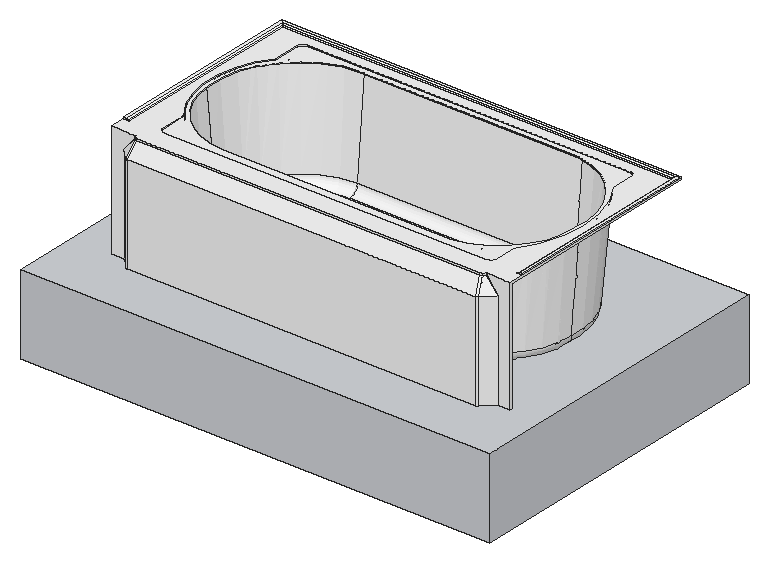
Revit family
Parameters (values of type "Cast_Iron-Safeguard-White-0")
  Width = 5' - 0"
  Waste Connection = yes
  WFU = 0
  Voltage = 220 V
  URL = "http://www.us.kohler.com"
  Sanitary Radius = 3/4"
  Sanitary Diameter = Sanitary Radius * 2  # 1 1/2"
  Sanitary Connector = "Sanitary Connection"  # constant formula
  Product Page URL = "http://www.us.kohler.com/onlinecatalog/detail.jsp?item=15671502&section=2&category=10"
  Product Documentation Link = "http://www.us.kohler.com/onlinecatalog/pdf/1143443_4.pdf"
  Phase = 1
  Model = "K-724-G0"  # constant formula
  Manufacturer = "Kohler"  # constant formula
  Length = 2' - 9 3/4"
  Height = 1' - 5 7/16"
  Frequency = 50 Hz
  Finish = Cast_Iron-Safeguard-Kohler-0-White
  Electrical Disconnect = no
  Electrical Connector = "Electrical Connection"  # constant formula
  Description = "Memoirs(R) 5' BubbleMassage(TM) baths with right-hand drain and White airjet color finish"  # constant formula
  Default Elevation = 0' - 0"
  Created By = "http://www.medialab3dstudio.com/"
  Cost = 1
  Assembly Code = "D2010510"
  Apparent Load = 0 VA
  ADA Compliant = no
Types (3): name | Finish
  (no name) | Cast_Iron-Safeguard-Kohler-0-White
  Cast_Iron-Safeguard-White-0 | Cast_Iron-Safeguard-Kohler-0-White
  Cast_Iron-Safeguard-Sea_Salt-FF | Cast_Iron-Safeguard-Kohler-FF-Sea_Salt
Reference planes (in)
  plane 1 "Back": y = 0
  plane 2 "Bottom": z = 0
  plane 3 "Center (Left/Right)": x = 0
  plane 4 "Left": x = -30
  plane 5 "Right": x = 30
  plane 6 "Center (Front/Back)": y = -16.875
  plane 7 "Front": y = -33.75
  plane 8 "Top": z = 17.4375
  plane 9: z = 16.9375
  plane 10: z = 17.1875
  plane 11: y = -32.03104
  plane 12: y = -31.7211
  plane 13: z = 14.72145
  plane 14: x = -28.16965
  plane 15: x = -26.61
  plane 16: x = -26.17231
  plane 17: x = 26.22224
  plane 18: x = 26.59693
  plane 19: x = 28.15659
  plane 20: x = 21.5
  plane 21: y = -16
  plane 22: z = 0.93861
  plane 23: z = 0.81359
  plane 24: z = 16.65238
  plane 25: y = -26.03215
  plane 26: y = -28.88016
  plane 27: y = -28.75468
  plane 28: z = 2.30923
  plane 29: y = -27.62443
  plane 30: y = -27.49982
  plane 31: y = -26.62627
  plane 32: y = -26.12627
  plane 33: x = 15.75
  plane 34: x = 13.75
  plane 35: y = -5.38045
  plane 36: y = -5.88045
  plane 37: x = -16.75
  plane 38: x = -14.75
  plane 39: y = -26.62627
  plane 40: y = -26.12627
  plane 41: y = -5.38045
  plane 42: y = -5.88045
  plane 43: z = 17.0625
  plane 44: z = 17.38026
  plane 45: z = 17.27231
  plane 46: x = -29.1875
  plane 47: x = -36
  plane 48: x = -35
  plane 49: y = -32.03104
  plane 50: y = -28.48711
  plane 51: x = -29.1875
  plane 52: x = 29.1875
Forms (in)
  Extrusion 1, solid
    sketch origin (0, 0, 0) x (1, 0, 0) y (0, 1, 0)
      loop
        line (-36, 7) -> (-36, -41.73328) -> (34.62554, -41.73328) -> (34.62554, 7) -> (-36, 7)
    from 0 to -12
  Extrusion 2, solid, material "Cast_Iron-Safeguard-Kohler-0-White" <- "Finish"
    sketch origin (0, 0, 0) x (1, 0, 0) y (0, 1, 0)
      loop
        line (-30, 0) -> (-30, -32.03104) -> (-26.45525, -32.03104)
        arc (-26.45525, -32.03104) -> (-26.40103, -32.06281) -> (-26.35358, -32.10401) r 0.34029
        line (-26.35358, -32.10401) -> (-26.04734, -32.41025)
        arc (-26.04734, -32.41025) -> (-25.95708, -32.47133) -> (-25.85059, -32.49447) r 0.28782
        line (-25.85059, -32.49447) -> (25.84136, -32.49447)
        arc (25.84136, -32.49447) -> (25.97142, -32.45962) -> (26.08172, -32.38239) r 0.3877
        line (26.08172, -32.38239) -> (26.38734, -32.07676)
        arc (26.38734, -32.07676) -> (26.42033, -32.05161) -> (26.45636, -32.03104) r 0.31264
        line (26.45636, -32.03104) -> (30, -32.03104) -> (30, 0) -> (-30, 0)
      loop
        arc (24.29901, -29.54823) -> (25.00612, -29.25534) -> (25.29901, -28.54823) r 1
        line (25.29901, -28.54823) -> (25.29901, -25.53103)
        arc (25.29901, -25.53103) -> (28.29803, -16.06443) -> (25.29901, -6.59782) r 16.44051
        line (25.29901, -6.59782) -> (25.29901, -3.45236)
        arc (25.29901, -3.45236) -> (25.00612, -2.74525) -> (24.29901, -2.45236) r 1
        line (24.29901, -2.45236) -> (-24.04737, -2.45236)
        arc (-24.04737, -2.45236) -> (-24.75447, -2.74525) -> (-25.04737, -3.45236) r 1
        line (-25.04737, -3.45236) -> (-25.04737, -7.27211)
        arc (-25.04737, -7.27211) -> (-28.04562, -16.00015) -> (-25.04737, -24.72818) r 14.20294
        line (-25.04737, -24.72818) -> (-25.04737, -28.49932)
        arc (-25.04737, -28.49932) -> (-24.74015, -29.24101) -> (-23.99846, -29.54823) r 1.04891
        line (-23.99846, -29.54823) -> (24.29901, -29.54823)
    from 16.9375 to 17.1875
  Extrusion 3, solid, material "Cast_Iron-Safeguard-Kohler-0-White" <- "Finish"
    sketch origin (0, 0, 0) x (1, 0, 0) y (0, 1, 0)
      loop
        line (-25.04737, -24.72818) -> (-25.04737, -28.49932)
        arc (-25.04737, -28.49932) -> (-24.74015, -29.24101) -> (-23.99846, -29.54823) r 1.04891
        line (-23.99846, -29.54823) -> (24.29901, -29.54823)
        arc (24.29901, -29.54823) -> (25.00612, -29.25534) -> (25.29901, -28.54823) r 1
        line (25.29901, -28.54823) -> (25.29901, -25.53103)
        arc (25.29901, -25.53103) -> (28.29803, -16.06443) -> (25.29901, -6.59782) r 16.44051
        line (25.29901, -6.59782) -> (25.29901, -3.45236)
        arc (25.29901, -3.45236) -> (25.00612, -2.74525) -> (24.29901, -2.45236) r 1
        line (24.29901, -2.45236) -> (-24.04737, -2.45236)
        arc (-24.04737, -2.45236) -> (-24.75447, -2.74525) -> (-25.04737, -3.45236) r 1
        line (-25.04737, -3.45236) -> (-25.04737, -7.27211)
        arc (-25.04737, -7.27211) -> (-28.04562, -16.00015) -> (-25.04737, -24.72818) r 14.20294
      loop
        arc (-27.29737, -16.875) -> (-23.97934, -24.88543) -> (-15.96891, -28.20345) r 11.32845
        line (-15.96891, -28.20345) -> (18.03109, -28.20345)
        arc (18.03109, -28.20345) -> (24.96807, -24.34325) -> (27.66034, -16.875) r 11.31277
        arc (27.66034, -16.875) -> (25.19543, -7.99083) -> (17.26878, -3.28207) r 12.36438
        line (17.26878, -3.28207) -> (-15.48122, -3.28207)
        arc (-15.48122, -3.28207) -> (-24.2827, -7.56333) -> (-27.29737, -16.875) r 12.49351
    from 16.9375 to 17.0625
  Extrusion 4, solid, material "Cast_Iron-Safeguard-Kohler-0-White" <- "Finish"
    sketch origin (0, 0, 0) x (0, 1, 0) y (0, 0, 1)
      loop
        line (-31.7211, 0) -> (-31.7211, 16.9375) -> (-32.03104, 16.9375) -> (-32.03104, 0) -> (-31.7211, 0)
    from -30 to 30
  Extrusion 5, solid, material "Cast_Iron-Safeguard-Kohler-0-White" <- "Finish"
    sketch origin (0, 0, 0) x (1, 0, 0) y (0, 1, 0)
      loop
        line (-28.16965, -32.03104) -> (-26.61, -33.5907)
        arc (-26.61, -33.5907) -> (-26.40881, -33.71886) -> (-26.17231, -33.75) r 0.55106
        line (-26.17231, -33.75) -> (26.22224, -33.75)
        arc (26.22224, -33.75) -> (26.41468, -33.71314) -> (26.57987, -33.60776) r 0.52072
        line (26.57987, -33.60776) -> (28.15659, -32.03104) -> (-28.16965, -32.03104)
    from 0 to 14.72145
  Extrusion 6, void
    sketch origin (0, 0, 0) x (1, 0, 0) y (0, 1, 0)
      loop
        arc (20.75, -16) -> (20.96967, -16.53033) -> (21.5, -16.75) r 0.75
        arc (21.5, -16.75) -> (22.03033, -16.53033) -> (22.25, -16) r 0.75
        arc (22.25, -16) -> (22.03033, -15.46967) -> (21.5, -15.25) r 0.75
        arc (21.5, -15.25) -> (20.96967, -15.46967) -> (20.75, -16) r 0.75
    from 0.81359 to 0.93861
  Sweep 7, solid, material "Cast_Iron-Safeguard-Kohler-0-White" <- "Finish"
    path in 3D
      loop
        arc (-15.96891, -28.20345, 17.0625) -> (-23.97934, -24.88543, 17.0625) -> (-27.29737, -16.875, 17.0625) r 11.32845
        arc (-27.29737, -16.875, 17.0625) -> (-24.2827, -7.56333, 17.0625) -> (-15.48122, -3.28207, 17.0625) r 12.49351
        line (-15.48122, -3.28207, 17.0625) -> (17.26878, -3.28207, 17.0625)
        arc (17.26878, -3.28207, 17.0625) -> (25.19543, -7.99083, 17.0625) -> (27.66034, -16.875, 17.0625) r 12.36438
        arc (27.66034, -16.875, 17.0625) -> (24.96807, -24.34325, 17.0625) -> (18.03109, -28.20345, 17.0625) r 11.31277
        line (18.03109, -28.20345, 17.0625) -> (-15.96891, -28.20345, 17.0625)
    profile origin (1.03109, -28.20345, 17.0625) x (0, -1, 0) y (0, 0, 1)
      loop
        line (0.71268, -0.125) -> (0.5872, -0.125) -> (-0.70363, -14.75327)
        arc (-0.70363, -14.75327) -> (-1.17469, -15.71997) -> (-2.1713, -16.12389) r 1.50177
        line (-2.1713, -16.12389) -> (-2.1713, -16.24891)
        arc (-2.1713, -16.24891) -> (-1.09024, -15.81213) -> (-0.57911, -14.76417) r 1.62677
        line (-0.57911, -14.76417) -> (0.71268, -0.125)
  Extrusion 8, solid, material "Cast_Iron-Safeguard-Kohler-0-White" <- "Finish"
    sketch origin (0, 0, 0) x (1, 0, 0) y (0, 1, 0)
      loop
        arc (-25.12556, -16.77841) -> (-22.47806, -23.31584) -> (-15.96891, -26.03215) r 9.15715
        line (-15.96891, -26.03215) -> (17.86001, -26.03215)
        arc (17.86001, -26.03215) -> (23.40604, -22.82659) -> (25.48655, -16.76808) r 9.14146
        arc (25.48655, -16.76808) -> (23.55916, -9.42734) -> (17.09317, -5.45337) r 10.19308
        line (17.09317, -5.45337) -> (-15.42405, -5.45337)
        arc (-15.42405, -5.45337) -> (-22.69287, -9.04447) -> (-25.12556, -16.77841) r 10.32221
    from 0.81359 to 0.93861
  Blend 9, solid, material "Cast_Iron-Safeguard-Kohler-0-White" <- "Finish"
    base sketch origin (0, 0, 0) x (1, 0, 0) y (0, 1, 0)
      loop
        line (-28.16965, -32.03104) -> (-26.61, -33.5907)
        arc (-26.61, -33.5907) -> (-26.40881, -33.71886) -> (-26.17231, -33.75) r 0.55106
        line (-26.17231, -33.75) -> (26.22224, -33.75)
        arc (26.22224, -33.75) -> (26.41468, -33.71314) -> (26.57987, -33.60776) r 0.52072
        line (26.57987, -33.60776) -> (28.15659, -32.03104) -> (-28.16965, -32.03104)
    top sketch origin (0, 0, 0) x (1, 0, 0) y (0, 1, 0)
      loop
        line (-26.35358, -32.10401) -> (-26.04734, -32.41025)
        arc (-26.04734, -32.41025) -> (-25.95708, -32.47133) -> (-25.85059, -32.49447) r 0.28782
        line (-25.85059, -32.49447) -> (25.84136, -32.49447)
        arc (25.84136, -32.49447) -> (25.97142, -32.45962) -> (26.08172, -32.38239) r 0.3877
        line (26.08172, -32.38239) -> (26.38734, -32.07676)
        arc (26.38734, -32.07676) -> (26.42033, -32.05161) -> (26.45636, -32.03104) r 0.31264
        line (26.45636, -32.03104) -> (-26.45525, -32.03104)
        arc (-26.45525, -32.03104) -> (-26.40103, -32.06281) -> (-26.35358, -32.10401) r 0.34029
    from 14.72145 to 16.9375
  Extrusion 10, solid, material "Cast_Iron-Safeguard-Kohler-0-White" <- "Finish"
    sketch origin (0, 0, 0) x (0, 1, 0) y (0, 0, 1)
      loop
        line (-26.12627, 0) -> (-26.12627, 0.93861) -> (-26.62627, 0.93861) -> (-26.62627, 0) -> (-26.12627, 0)
      loop
        line (-5.88045, 0.81359) -> (-5.88045, 0) -> (-5.38045, 0) -> (-5.38045, 0.81359) -> (-5.88045, 0.81359)
    from 13.75 to 15.75
  Extrusion 11, solid, material "Cast_Iron-Safeguard-Kohler-0-White" <- "Finish"
    sketch origin (0, 0, 0) x (0, 1, 0) y (0, 0, 1)
      loop
        line (-26.12627, 0) -> (-26.12627, 0.93861) -> (-26.62627, 0.93861) -> (-26.62627, 0) -> (-26.12627, 0)
      loop
        line (-5.88045, 0.81359) -> (-5.88045, 0) -> (-5.38045, 0) -> (-5.38045, 0.81359) -> (-5.88045, 0.81359)
    from -16.75 to -14.75
  Sweep 12, solid, material "Cast_Iron-Safeguard-Kohler-0-White" <- "Finish"
    path in 3D
      loop
        line (30, -29.80578, 17.1875) -> (30, 0, 17.1875) -> (-30, 0, 17.1875) -> (-30, -29.8029, 17.1875)
    profile origin (-30, -14.90145, 17.1875) x (1, 0, 0) y (0, 0, 1)
      loop
        line (0, 0) -> (0.8125, 0)
        arc (0.8125, 0) -> (0.71759, 0.03644) -> (0.62817, 0.08481) r 0.78753
        arc (0.62817, 0.08481) -> (0.51805, 0.14534) -> (0.40169, 0.19276) r 1.08749
        arc (0.40169, 0.19276) -> (0.20354, 0.24028) -> (0, 0.25) r 1.08749
        line (0, 0.25) -> (0, 0)
  Extrusion 13, solid, material "Cast_Iron-Safeguard-Kohler-0-White" <- "Finish", not visible
    sketch origin (0, 0, 0) x (1, 0, 0) y (0, 0, 1)
      loop
        line (-36, 14.72145) -> (-36, 12.72145) -> (-35, 12.72145) -> (-35, 14.72145) -> (-36, 14.72145)
    from 16 to 16.875
Cuts and joins
  Extrusion 6 cuts Extrusion 8
  joined: Extrusion 2, Extrusion 3, Extrusion 4, Extrusion 5, Sweep 7, Extrusion 8, Blend 9
  joined: Extrusion 10, Extrusion 11
Lines and regions (in)
  Masking region 1, detail levels coarse
    outline origin (0, 0, 0) x (1, 0, 0) y (0, 1, 0)
      loop
        line (-30, 0) -> (-30, -33.75) -> (30, -33.75) -> (30, 0) -> (-30, 0)
  Masking region 2, detail levels medium+fine
    outline origin (0, 0, 0) x (1, 0, 0) y (0, 1, 0)
      loop
        line (-28.16965, -32.03104) -> (-26.61, -33.5907)
        arc (-26.61, -33.5907) -> (-26.40881, -33.71886) -> (-26.17231, -33.75) r 0.55106
        line (-26.17231, -33.75) -> (26.22224, -33.75)
        arc (26.22224, -33.75) -> (26.41468, -33.71314) -> (26.57987, -33.60776) r 0.52072
        line (26.57987, -33.60776) -> (28.15659, -32.03104) -> (30, -32.03104) -> (30, 0) -> (-30, 0) -> (-30, -32.03104) -> (-28.16965, -32.03104)
  Masking region 3, detail levels fine
    outline origin (0, 0, 0) x (1, 0, 0) y (0, 1, 0)
      loop
        arc (17.86001, -26.03215) -> (23.40604, -22.82659) -> (25.48655, -16.76808) r 9.14146
        arc (25.48655, -16.76808) -> (23.55916, -9.42734) -> (17.09317, -5.45337) r 10.19308
        line (17.09317, -5.45337) -> (-15.42405, -5.45337)
        arc (-15.42405, -5.45337) -> (-22.69287, -9.04447) -> (-25.12556, -16.77841) r 10.32221
        arc (-25.12556, -16.77841) -> (-22.47806, -23.31584) -> (-15.96891, -26.03215) r 9.15715
        line (-15.96891, -26.03215) -> (17.86001, -26.03215)
      loop
        arc (21.5, -15.25) -> (20.96967, -15.46967) -> (20.75, -16) r 0.75
        arc (20.75, -16) -> (20.96967, -16.53033) -> (21.5, -16.75) r 0.75
        arc (21.5, -16.75) -> (22.03033, -16.53033) -> (22.25, -16) r 0.75
        arc (22.25, -16) -> (22.03033, -15.46967) -> (21.5, -15.25) r 0.75
      loop
        line (-25.04737, -24.72818) -> (-25.04737, -28.49932)
        arc (-25.04737, -28.49932) -> (-24.74015, -29.24101) -> (-23.99846, -29.54823) r 1.04891
        line (-23.99846, -29.54823) -> (24.29901, -29.54823)
        arc (24.29901, -29.54823) -> (25.00612, -29.25534) -> (25.29901, -28.54823) r 1
        line (25.29901, -28.54823) -> (25.29901, -25.53103)
        arc (25.29901, -25.53103) -> (28.29803, -16.06443) -> (25.29901, -6.59782) r 16.44051
        line (25.29901, -6.59782) -> (25.29901, -3.45236)
        arc (25.29901, -3.45236) -> (25.00612, -2.74525) -> (24.29901, -2.45236) r 1
        line (24.29901, -2.45236) -> (-24.04737, -2.45236)
        arc (-24.04737, -2.45236) -> (-24.75447, -2.74525) -> (-25.04737, -3.45236) r 1
        line (-25.04737, -3.45236) -> (-25.04737, -7.27211)
        arc (-25.04737, -7.27211) -> (-28.04562, -16.00015) -> (-25.04737, -24.72818) r 14.20294
  Masking region 4
    outline origin (0, 0, 0) x (1, 0, 0) y (0, 0, 1)
      loop
        line (-30, 17.4375) -> (-30, 0) -> (30, 0) -> (30, 17.4375) -> (-30, 17.4375)
  Masking region 5, detail levels coarse
    outline origin (0, 0, 0) x (0, 1, 0) y (0, 0, 1)
      loop
        line (-33.75, 17.4375) -> (-33.75, 0) -> (0, 0) -> (0, 17.4375) -> (-33.75, 17.4375)
  sketch lines
    curve 1: line (18.03109, -28.20345, 17.0625) -> (-15.96891, -28.20345, 17.0625)
    curve 2: arc (-27.29737, -16.875, 17.0625) -> (-23.97934, -24.88543, 17.0625) -> (-15.96891, -28.20345, 17.0625) r 11.32845
    curve 3: arc (-15.48122, -3.28207, 17.0625) -> (-24.2827, -7.56333, 17.0625) -> (-27.29737, -16.875, 17.0625) r 12.49351
    curve 4: line (-15.48122, -3.28207, 17.0625) -> (17.26878, -3.28207, 17.0625)
    curve 5: arc (27.66034, -16.875, 17.0625) -> (25.19543, -7.99083, 17.0625) -> (17.26878, -3.28207, 17.0625) r 12.36438
    curve 6: arc (18.03109, -28.20345, 17.0625) -> (24.96807, -24.34325, 17.0625) -> (27.66034, -16.875, 17.0625) r 11.31277
    curve 7: line (-30, 0, 17.1875) -> (-30, -29.8029, 17.1875)
    curve 8: line (30, 0, 17.1875) -> (-30, 0, 17.1875)
    curve 9: line (30, -29.80578, 17.1875) -> (30, 0, 17.1875)
  symbolic lines, style "Masking Lines", detail levels fine
    curve 10: arc (-30, -29.8029, 0) -> (-29.76858, -29.83685, 0) -> (-29.58515, -29.69174, 0) r 0.29509
    curve 11: arc (-29.58515, -29.69174, 0) -> (-29.33344, -29.10688, 0) -> (-29.1875, -28.48711, 0) r 3.63958
    curve 12: line (-29.1875, -0.8125, 0) -> (-29.1875, -28.48711, 0)
    curve 13: line (29.1875, -0.8125, 0) -> (-29.1875, -0.8125, 0)
    curve 14: line (29.1875, -28.48711, 0) -> (29.1875, -0.8125, 0)
    curve 15: arc (30, -29.8029, 0) -> (29.76858, -29.83685, 0) -> (29.58515, -29.69174, 0) r 0.29509
    curve 16: arc (29.58515, -29.69174, 0) -> (29.33344, -29.10688, 0) -> (29.1875, -28.48711, 0) r 3.63958
    curve 21: arc (-30, -33.75, 17.4375) -> (-29.79646, -33.75, 17.42778) -> (-29.59831, -33.75, 17.38026) r 1.08749
    curve 22: arc (-29.59831, -33.75, 17.38026) -> (-29.48195, -33.75, 17.33284) -> (-29.37183, -33.75, 17.27231) r 1.08749
    curve 23: arc (-29.37183, -33.75, 17.27231) -> (-29.28241, -33.75, 17.22394) -> (-29.1875, -33.75, 17.1875) r 0.78753
    curve 24: line (30, 0, 17.1875) -> (-30, 0, 17.1875)
    curve 25: arc (29.59831, -33.75, 17.38026) -> (29.48195, -33.75, 17.33284) -> (29.37183, -33.75, 17.27231) r 1.08749
    curve 26: arc (30, -33.75, 17.4375) -> (29.79646, -33.75, 17.42778) -> (29.59831, -33.75, 17.38026) r 1.08749
    curve 27: arc (29.37183, -33.75, 17.27231) -> (29.28241, -33.75, 17.22394) -> (29.1875, -33.75, 17.1875) r 0.78753
    curve 28: line (28.15659, -33.75, 14.72145) -> (-28.16965, -33.75, 14.72145)
    curve 52: line (0, -32.03104, 16.9375) -> (0, -32.03104, 0)
    curve 53: line (0, -32.03104, 14.72145) -> (0, -33.75, 14.72145)
    curve 54: arc (0, -26.62627, 0.93716) -> (0, -26.38092, 0.85654) -> (0, -26.12627, 0.81359) r 1.71881
    curve 55: line (0, -31.7211, 16.9375) -> (0, -32.49447, 16.9375)
    curve 56: line (0, -28.91613, 16.9375) -> (0, -2.56939, 16.9375)
    curve 57: line (0, -5.38045, 0.81359) -> (0, -5.88045, 0.81359)
    curve 58: line (0, -29.80578, 17.1875) -> (0, 0, 17.1875)
    curve 70: line (28.2479, 0, 16.9375) -> (-27.88454, 0, 16.9375)
  symbolic lines, style "Masking Lines", detail levels medium+fine
    curve 17: line (-28.16965, -33.75, 14.72145) -> (-28.16965, -33.75, 0)
    curve 18: line (-28.16965, -33.75, 14.72145) -> (-26.35358, -33.75, 16.9375)
    curve 19: line (28.15659, -33.75, 0) -> (28.15659, -33.75, 14.72145)
    curve 20: line (28.15659, -33.75, 14.72145) -> (26.38734, -33.75, 16.9375)
    curve 29: line (0, -33.75, 14.72145) -> (0, -33.75, 0)
    curve 30: line (0, -33.75, 0) -> (0, -31.7211, 0)
    curve 31: line (0, -31.7211, 0) -> (0, -31.7211, 16.9375)
    curve 32: line (0, -32.49447, 16.9375) -> (0, -33.75, 14.72145)
    curve 33: line (0, -32.49447, 17.1875) -> (0, -32.49447, 16.9375)
    curve 34: line (0, -29.80578, 17.1875) -> (0, -29.80578, 17.4375)
    curve 36: line (0, 0, 16.9375) -> (0, 0, 17.4375)
    curve 37: line (0, 0, 17.4375) -> (0, -29.80578, 17.4375)
    curve 38: line (0, -3.86129, 2.29712) -> (0, -2.56939, 16.9375)
    curve 39: arc (0, -3.86129, 2.29712) -> (0, -4.34633, 1.27513) -> (0, -5.38045, 0.8165) r 1.62677
    curve 40: line (0, -5.38045, 0) -> (0, -5.38045, 0.8165)
    curve 41: line (0, -5.88045, 0) -> (0, -5.38045, 0)
    curve 42: line (0, -5.88045, 0.81359) -> (0, -5.88045, 0)
    curve 43: line (0, -26.12627, 0.81359) -> (0, -5.88045, 0.81359)
    curve 44: line (0, -26.12627, 0) -> (0, -26.12627, 0.81359)
    curve 45: line (0, -26.62627, 0) -> (0, -26.12627, 0)
    curve 46: line (0, -26.62627, 0.93716) -> (0, -26.62627, 0)
    curve 47: arc (0, -27.62424, 2.29713) -> (0, -27.31529, 1.47769) -> (0, -26.62627, 0.93716) r 1.62677
    curve 48: line (0, -28.91613, 16.9375) -> (0, -27.62424, 2.29713)
    curve 49: line (0, -28.91613, 16.9375) -> (0, -31.7211, 16.9375)
    curve 50: line (0, -29.80578, 17.1875) -> (0, -32.49447, 17.1875)
    curve 51: line (0, -2.56939, 16.9375) -> (0, 0, 16.9375)
    curve 59: line (30, 0, 16.9375) -> (28.2479, 0, 16.9375)
    curve 60: line (15.75, 0, 0) -> (15.75, 0, 0.93861)
    curve 61: line (13.75, 0, 0.93861) -> (13.75, 0, 0)
    curve 62: line (-14.75, 0, 0) -> (-14.75, 0, 0.93861)
    curve 63: line (-16.75, 0, 0.93861) -> (-16.75, 0, 0)
    curve 64: line (25.47728, 0, 0.93861) -> (-25.12143, 0, 0.93861)
    curve 65: spline (25.47728, 0, 0.93861) -> (25.6592, 0, 0.95177) -> (25.83818, 0, 0.98691) -> (26.01159, 0, 1.04352) -> (26.17686, 0, 1.12074) -> (26.33157, 0, 1.21746) -> (26.47343, 0, 1.33224) -> (26.60034, 0, 1.46338) -> (26.71044, 0, 1.60896) -> (26.80211, 0, 1.76683) -> (26.87399, 0, 1.93466) -> (26.92502, 0, 2.10998) -> (26.95445, 0, 2.29019)
    curve 66: line (26.95445, 0, 2.29019) -> (28.2479, 0, 16.9375)
    curve 67: spline (-25.12143, 0, 0.93861) -> (-25.30551, 0, 0.95282) -> (-25.48646, 0, 0.98955) -> (-25.66154, 0, 1.04823) -> (-25.82811, 0, 1.12798) -> (-25.98363, 0, 1.22759) -> (-26.12576, 0, 1.34555) -> (-26.25235, 0, 1.48009) -> (-26.36148, 0, 1.62917) -> (-26.45151, 0, 1.79052) -> (-26.52108, 0, 1.96172) -> (-26.56912, 0, 2.14017) -> (-26.59492, 0, 2.32317)
    curve 68: line (-26.59492, 0, 2.32317) -> (-27.88454, 0, 16.9375)
    curve 69: line (-30, 0, 16.9375) -> (-27.88454, 0, 16.9375)
    curve 71: line (26.38734, -33.75, 16.9375) -> (-26.35358, -33.75, 16.9375)
  symbolic lines, style "Masking Lines"
    curve 35: line (0, 0, 17.4375) -> (0, -29.80578, 17.4375)
Dimensions and locks (in)
  equal spacing: plane 4 "Left", plane 3 "Center (Left/Right)", plane 5 "Right"
  "Width": plane 4 "Left" to plane 5 "Right"
  equal spacing: plane 7 "Front", plane 6 "Center (Front/Back)", plane 1 "Back"
  "Length": plane 7 "Front" to plane 1 "Back"
  "Height": plane 8 "Top" to plane 2 "Bottom"
  plane 9 to plane 8 "Top" = 0' - 0 1/2"
  plane 8 "Top" to plane 10 to plane 9 = 0' - 0 1/4", 0' - 0 1/4"
  cut or joined group of Extrusion 2, Extrusion 3, Extrusion 4, Extrusion 5, Extrusion 6, Sweep 7, Extrusion 8, Blend 9 to plane 2 "Bottom" = 1' - 4 15/16"
  plane 7 "Front" to plane 11 to plane 12 = 0' - 1.71896" locked, 0' - 0.30995" locked
  locked: plane 9 to plane 13 at 2.21605
  plane 4 "Left" to plane 14 to plane 15 to plane 16 = 0' - 1.83035" locked, 0' - 1.55965" locked, 0' - 0.43768" locked
  plane 17 to plane 18 to plane 19 to plane 5 "Right" = 0' - 0.3747" locked, 0' - 1.55965" locked, 0' - 1.84341" locked
  plane 1 "Back" to plane 21 to plane 6 "Center (Front/Back)" = 1' - 4", 0' - 0 7/8"
  plane 22 to plane 23 to plane 2 "Bottom" = 0' - 0.12502" locked, 0' - 0.81359" locked
  locked: plane 7 "Front" to plane 25 at 7.71785
  locked: plane 24 to plane 9 at 0.28512
  plane 7 "Front" to plane 26 to plane 27 = 0' - 4.86984" locked, 0' - 0.12548" locked
  locked: plane 22 to plane 28 at 1.37062
  plane 29 to plane 30 to plane 25 = 0' - 0.12461" locked, 0' - 1.46767" locked
  plane 7 "Front" to plane 31 to plane 32 = 0' - 7.12373" locked, 0' - 0 1/2" locked
  plane 34 to plane 33 to plane 5 "Right" = 0' - 2" locked, 1' - 2 1/4" locked
  plane 36 to plane 35 to plane 1 "Back" = 0' - 0 1/2" locked, 0' - 5.38045" locked
  plane 38 to plane 37 to plane 4 "Left" = 0' - 2" locked, 1' - 1 1/4" locked
  locked: plane 39 to plane 40 at 0.5
  locked: plane 42 to plane 41 at 0.5
  plane 10 to plane 43 to plane 9 = 0' - 0 1/8", 0' - 0 1/8"
  plane 46 to profile plane = 0' - 0 13/16"
  plane 44 to plane 45 to profile plane = 0' - 0.10795" locked, 0' - 0.08481" locked
  plane 47 to cut or joined group of Extrusion 2, Extrusion 3, Extrusion 4, Extrusion 5, Extrusion 6, Sweep 7, Extrusion 8, Blend 9 = 0' - 6"
  plane 47 to plane 48 to cut or joined group of Extrusion 2, Extrusion 3, Extrusion 4, Extrusion 5, Extrusion 6, Sweep 7, Extrusion 8, Blend 9 = 0' - 1", 0' - 5"
  locked: plane 7 "Front" to plane 49 at 1.71896
  locked: plane 4 "Left" to plane 51 at 0.8125
  locked: plane 52 to plane 5 "Right" at 0.8125
  aligned and locked: plane 2 "Bottom" to Extrusion 1
  aligned and locked: level to Extrusion 1
  aligned and locked: plane 9 to Extrusion 2
  aligned: Extrusion 2 to plane 8 "Top"
  aligned and locked: Extrusion 3 sketch curve to Extrusion 2  (x7)
  aligned: Extrusion 3 to plane 10
  aligned and locked: plane 9 to Extrusion 3
  aligned and locked: Extrusion 4 sketch curve to plane 9
  aligned and locked: plane 2 "Bottom" to Extrusion 4 sketch curve
  aligned and locked: plane 12 to Extrusion 4 sketch curve
  aligned and locked: plane 11 to Extrusion 4 sketch curve
  aligned and locked: Extrusion 4 to plane 4 "Left"
  aligned and locked: plane 5 "Right" to Extrusion 4
  aligned and locked: Extrusion 4 to Extrusion 5 sketch curve
  aligned and locked: Extrusion 5 to plane 2 "Bottom"
  aligned and locked: Extrusion 5 to plane 13
  aligned and locked: plane 14 to Extrusion 5 sketch curve
  aligned and locked: plane 15 to Extrusion 5 sketch curve
  aligned and locked: plane 16 to Extrusion 5 sketch curve
  aligned and locked: plane 17 to Extrusion 5 sketch curve
  aligned and locked: plane 19 to Extrusion 5 sketch curve
  aligned and locked: plane 7 "Front" to Extrusion 5 sketch curve  (x2)
  aligned and locked: Extrusion 8 sketch curve to Sweep 7  (x6)
  aligned and locked: plane 23 to Extrusion 8
  aligned and locked: Extrusion 8 to plane 22
  aligned and locked: plane 20 to Extrusion 6 sketch curve  (x2)
  aligned and locked: plane 21 to Extrusion 6 sketch curve  (x2)
  aligned and locked: plane 23 to Extrusion 6
  aligned and locked: Extrusion 6 to plane 22
  aligned and locked: plane 25 to Sweep 7 sketch curve
  aligned and locked: plane 22 to Sweep 7 sketch curve
  aligned and locked: plane 23 to Sweep 7 sketch curve
  aligned and locked: plane 28 to Sweep 7 sketch curve
  aligned and locked: plane 30 to Sweep 7 sketch curve
  aligned and locked: Blend 9 sketch curve to cut or joined group of Extrusion 2, Extrusion 3, Extrusion 4, Extrusion 5, Extrusion 6, Sweep 7, Extrusion 8, Blend 9  (x10)
  aligned and locked: Blend 9 to plane 13
  aligned and locked: Blend 9 to plane 9
  aligned and locked: plane 22 to Extrusion 10 sketch curve
  aligned and locked: plane 2 "Bottom" to Extrusion 10 sketch curve
  aligned and locked: Extrusion 10 sketch curve to plane 32
  aligned and locked: Extrusion 10 sketch curve to plane 31
  aligned and locked: Extrusion 10 to plane 33
  aligned and locked: plane 34 to Extrusion 10
  aligned and locked: Extrusion 11 sketch curve to plane 40
  aligned and locked: Extrusion 11 sketch curve to plane 39
  aligned and locked: Extrusion 11 to plane 38
  aligned and locked: plane 37 to Extrusion 11
  aligned and locked: Extrusion 11 to plane 22
  aligned and locked: Extrusion 11 to plane 2 "Bottom"
  aligned and locked: cut or joined group of Extrusion 2, Extrusion 3, Extrusion 4, Extrusion 5, Extrusion 6, Sweep 7, Extrusion 8, Blend 9 to plane 43
  aligned and locked: plane 9 to Sweep 7 sketch curve
  aligned and locked: Sweep 12 sketch curve to profile plane
  aligned and locked: profile plane to Sweep 12 sketch curve  (x2)
  aligned and locked: plane 8 "Top" to Sweep 12 sketch curve
  aligned and locked: plane 46 to Sweep 12 sketch curve
  aligned and locked: plane 44 to Sweep 12 sketch curve
  aligned and locked: plane 45 to Sweep 12 sketch curve
  aligned and locked: plane 4 "Left" to Masking region 1 sketch curve
  aligned and locked: plane 1 "Back" to Masking region 1 sketch curve
  aligned and locked: Masking region 1 sketch curve to plane 5 "Right"
  aligned and locked: Masking region 1 sketch curve to plane 7 "Front"
  aligned and locked: Masking region 2 sketch curve to cut or joined group of Extrusion 2, Extrusion 3, Extrusion 4, Extrusion 5, Extrusion 6, Sweep 7, Extrusion 8, Blend 9  (x6)
  aligned and locked: Masking region 2 sketch curve to Sweep 12  (x2)
  aligned and locked: Masking region 2 sketch curve to plane 49
  aligned and locked: plane 49 to Masking region 2 sketch curve
  aligned and locked: Masking region 3 sketch curve to cut or joined group of Extrusion 2, Extrusion 3, Extrusion 4, Extrusion 5, Extrusion 6, Sweep 7, Extrusion 8, Blend 9  (x8)
  aligned and locked: curve 12 to Sweep 12
  aligned and locked: curve 13 to Sweep 12
  aligned and locked: Sweep 12 to curve 14
  aligned and locked: plane 4 "Left" to curve 10
  aligned and locked: plane 5 "Right" to curve 15
  aligned and locked: plane 51 to curve 12
  aligned and locked: plane 50 to curve 12
  aligned and locked: plane 50 to curve 14
  aligned and locked: plane 8 "Top" to Masking region 4 sketch curve
  aligned and locked: plane 4 "Left" to Masking region 4 sketch curve
  aligned and locked: plane 2 "Bottom" to Masking region 4 sketch curve
  aligned and locked: Masking region 4 sketch curve to plane 5 "Right"
  aligned and locked: curve 17 to cut or joined group of Extrusion 2, Extrusion 3, Extrusion 4, Extrusion 5, Extrusion 6, Sweep 7, Extrusion 8, Blend 9
  aligned and locked: curve 18 to cut or joined group of Extrusion 2, Extrusion 3, Extrusion 4, Extrusion 5, Extrusion 6, Sweep 7, Extrusion 8, Blend 9
  aligned and locked: curve 19 to cut or joined group of Extrusion 2, Extrusion 3, Extrusion 4, Extrusion 5, Extrusion 6, Sweep 7, Extrusion 8, Blend 9
  aligned and locked: curve 20 to cut or joined group of Extrusion 2, Extrusion 3, Extrusion 4, Extrusion 5, Extrusion 6, Sweep 7, Extrusion 8, Blend 9
  aligned and locked: curve 21 to Sweep 12
  aligned and locked: curve 22 to Sweep 12
  aligned and locked: curve 23 to Sweep 12
  aligned and locked: curve 24 to cut or joined group of Extrusion 2, Extrusion 3, Extrusion 4, Extrusion 5, Extrusion 6, Sweep 7, Extrusion 8, Blend 9
  aligned and locked: curve 25 to Sweep 12
  aligned and locked: curve 26 to Sweep 12
  aligned and locked: curve 27 to Sweep 12
  aligned and locked: curve 28 to cut or joined group of Extrusion 2, Extrusion 3, Extrusion 4, Extrusion 5, Extrusion 6, Sweep 7, Extrusion 8, Blend 9
  aligned and locked: plane 8 "Top" to Masking region 5 sketch curve
  aligned and locked: Masking region 5 sketch curve to plane 7 "Front"
  aligned and locked: plane 2 "Bottom" to Masking region 5 sketch curve
  aligned and locked: plane 1 "Back" to Masking region 5 sketch curve
  aligned and locked: curve 29 to cut or joined group of Extrusion 2, Extrusion 3, Extrusion 4, Extrusion 5, Extrusion 6, Sweep 7, Extrusion 8, Blend 9
  aligned and locked: cut or joined group of Extrusion 2, Extrusion 3, Extrusion 4, Extrusion 5, Extrusion 6, Sweep 7, Extrusion 8, Blend 9 to curve 30
  aligned and locked: curve 31 to cut or joined group of Extrusion 2, Extrusion 3, Extrusion 4, Extrusion 5, Extrusion 6, Sweep 7, Extrusion 8, Blend 9
  aligned and locked: curve 32 to cut or joined group of Extrusion 2, Extrusion 3, Extrusion 4, Extrusion 5, Extrusion 6, Sweep 7, Extrusion 8, Blend 9
  aligned and locked: curve 33 to cut or joined group of Extrusion 2, Extrusion 3, Extrusion 4, Extrusion 5, Extrusion 6, Sweep 7, Extrusion 8, Blend 9
  aligned and locked: curve 34 to Sweep 12
  aligned and locked: curve 35 to Sweep 12
  aligned and locked: curve 40 to Extrusion 10
  aligned and locked: curve 41 to Extrusion 10
  aligned and locked: curve 42 to Extrusion 10
  aligned and locked: curve 44 to Extrusion 10
  aligned and locked: curve 45 to Extrusion 10
  aligned and locked: Extrusion 10 to curve 46
  aligned and locked: plane 9 to cut or joined group of Extrusion 2, Extrusion 3, Extrusion 4, Extrusion 5, Extrusion 6, Sweep 7, Extrusion 8, Blend 9
  aligned and locked: plane 10 to Sweep 12
  aligned and locked: curve 60 to Extrusion 10
  aligned and locked: curve 61 to Extrusion 10
  aligned and locked: curve 62 to Extrusion 11
  aligned and locked: curve 63 to Extrusion 11
  aligned and locked: plane 9 to curve 59
  aligned and locked: curve 69 to plane 9
  aligned and locked: plane 9 to curve 70
  aligned and locked: plane 9 to curve 71
  aligned and locked: Extrusion 13 to plane 47
  aligned and locked: plane 48 to Extrusion 13
  aligned and locked: plane 6 "Center (Front/Back)" to Extrusion 13
  aligned and locked: Extrusion 13 to plane 21
Automatic sketch dimensions
  Extrusion 1 sketch curve to Extrusion 1 sketch curve = 5' - 10.62554"
  Extrusion 1 sketch curve to Extrusion 1 sketch curve = 4' - 0.73328"
  Extrusion 5 sketch curve to plane 16 = 0' - 0.04803"
  Extrusion 5 sketch curve to plane 18 = 0' - 0.01706"
  Extrusion 5 sketch curve to plane 7 "Front" = 0' - 0.14224"
  Extrusion 5 sketch curve to plane 7 "Front" = 0' - 0.1593"
  Extrusion 6 sketch curve to Extrusion 6 sketch curve = 0' - 0 3/4"
  Extrusion 2 sketch curve to plane 4 "Left" = 0' - 0"
  Extrusion 2 sketch curve to plane 5 "Right" = 0' - 0"
  plane 1 "Back" to Extrusion 2 sketch curve = 0' - 0"
  Extrusion 2 sketch curve to plane 7 "Front" = 0' - 1.41073"
  plane 4 "Left" to Extrusion 2 sketch curve = 0' - 3.40056"
  Extrusion 2 sketch curve to Extrusion 2 sketch curve = 0' - 0.14419"
  Extrusion 2 sketch curve to plane 7 "Front" = 0' - 1.64599"
  Extrusion 2 sketch curve to Extrusion 2 sketch curve = 0' - 0.10167"
  Extrusion 2 sketch curve to plane 7 "Front" = 0' - 1.33975"
  Extrusion 2 sketch curve to Extrusion 2 sketch curve = 0' - 0.30624"
  Extrusion 2 sketch curve to Extrusion 2 sketch curve = 0' - 0.19675"
  Extrusion 2 sketch curve to Extrusion 2 sketch curve = 0' - 0.20352"
  plane 4 "Left" to Extrusion 2 sketch curve = 0' - 4.95263"  (x2)
  Extrusion 2 sketch curve to Extrusion 2 sketch curve = 0' - 1"  (x3)
  Extrusion 2 sketch curve to Extrusion 2 sketch curve = 0' - 1.04891"
  plane 21 to Extrusion 2 sketch curve = 0' - 0.00015"
  Extrusion 2 sketch curve to plane 38 = 0' - 0.90732"
  plane 21 to Extrusion 2 sketch curve = 0' - 0.06443"
  plane 34 to Extrusion 2 sketch curve = 0' - 1.89248"
  Extrusion 2 sketch curve to plane 20 = 0' - 2.79901"  (x2)
  Extrusion 2 sketch curve to Extrusion 2 sketch curve = 0' - 1.50856"
  Extrusion 2 sketch curve to Extrusion 2 sketch curve = 0' - 0.03379"
  Extrusion 2 sketch curve to Extrusion 2 sketch curve = 0' - 0.24036"
  Extrusion 2 sketch curve to Extrusion 2 sketch curve = 0' - 0.30563"
  Extrusion 2 sketch curve to Extrusion 2 sketch curve = 0' - 0.06901"
  Extrusion 2 sketch curve to Extrusion 2 sketch curve = 0' - 0.13663"
  Extrusion 2 sketch curve to plane 7 "Front" = 0' - 1.25553"
  Extrusion 2 sketch curve to Extrusion 2 sketch curve = 0' - 0.11208"
  Extrusion 2 sketch curve to Extrusion 2 sketch curve = 0' - 0.07014"
  Extrusion 2 sketch curve to Extrusion 2 sketch curve = 0' - 0.23549"
  Extrusion 2 sketch curve to Extrusion 2 sketch curve = 0' - 2.6585"
  Extrusion 2 sketch curve to Extrusion 2 sketch curve = 0' - 3.0172"
  Extrusion 2 sketch curve to Extrusion 2 sketch curve = 0' - 3.77114"
  Extrusion 2 sketch curve to Extrusion 2 sketch curve = 0' - 3.14546"
  plane 6 "Center (Front/Back)" to Extrusion 3 sketch curve = 0' - 0"  (x2)
  plane 4 "Left" to Extrusion 3 sketch curve = 0' - 2.70263"
  Extrusion 3 sketch curve to plane 37 = 0' - 0.78109"
  plane 38 to Extrusion 3 sketch curve = 0' - 0.73122"
  plane 38 to Extrusion 3 sketch curve = 0' - 0.10373"
  plane 33 to Extrusion 3 sketch curve = 0' - 0.37737"
  plane 6 "Center (Front/Back)" to Extrusion 3 sketch curve = 0' - 0.14152"
  Extrusion 3 sketch curve to plane 33 = 0' - 0.59846"
  Extrusion 3 sketch curve to plane 33 = 0' - 1.51878"
  Extrusion 3 sketch curve to plane 33 = 0' - 2.28109"
  Extrusion 3 sketch curve to plane 21 = 0' - 0.24019"
  Sweep 7 sketch curve to Sweep 7 sketch curve = 0' - 0"  (x2)
  plane 25 to Sweep 7 sketch curve = 0' - 0.02839"
  plane 29 to Sweep 7 sketch curve = 0' - 0.00009"
  plane 27 to Sweep 7 sketch curve = 0' - 0.03597"
  plane 26 to Sweep 7 sketch curve = 0' - 0.03597"
  Blend 9 sketch curve to plane 7 "Front" = 0' - 0.1593"
  Blend 9 sketch curve to plane 7 "Front" = 0' - 1.71896"
  Blend 9 sketch curve to Blend 9 sketch curve = 0' - 0.10167"
  Blend 9 sketch curve to plane 7 "Front" = 0' - 1.33975"
  Blend 9 sketch curve to plane 7 "Front" = 0' - 1.36761"
  Blend 9 sketch curve to Blend 9 sketch curve = 0' - 0.30563"
  Blend 9 sketch curve to Blend 9 sketch curve = 0' - 0.06901"
  Blend 9 sketch curve to Blend 9 sketch curve = 0' - 0.13663"
  Blend 9 sketch curve to Blend 9 sketch curve = 0' - 0.2812"
  plane 23 to Extrusion 10 sketch curve = 0' - 0"
  Extrusion 10 sketch curve to plane 36 = 0' - 0"
  Extrusion 10 sketch curve to plane 35 = 0' - 0"
  Extrusion 10 sketch curve to level = 0' - 0"
  plane 23 to Extrusion 11 sketch curve = 0' - 0"
  Extrusion 11 sketch curve to plane 42 = 0' - 0"
  Extrusion 11 sketch curve to plane 41 = 0' - 0"
  Extrusion 11 sketch curve to level = 0' - 0"  (x2)
  plane 22 to Extrusion 11 sketch curve = 0' - 0"
  Sweep 12 sketch curve to Sweep 12 sketch curve = 0' - 0"  (x2)
  Sweep 12 sketch curve to plane 45 = 0' - 0"
  Sweep 12 sketch curve to profile plane = 0' - 0.05013"
  Sweep 12 sketch curve to profile plane = 0' - 0.40169"
  Masking region 2 sketch curve to plane 7 "Front" = 0' - 0.1593"
  plane 48 to curve 11 = 0' - 2.21042"
  plane 4 "Left" to curve 10 = 0' - 0.15504"
  curve 10 to curve 11 = 0' - 0.25981"
  curve 10 to curve 11 = 0' - 0"
  curve 15 to plane 5 "Right" = 0' - 0.41485"
  curve 16 to curve 15 = 0' - 0"
  curve 15 to plane 5 "Right" = 0' - 0.15504"
  plane 5 "Right" to curve 16 = 0' - 2.78958"
  curve 12 to curve 11 = 0' - 0.52111"
  curve 14 to curve 16 = 0' - 0.52111"
  plane 10 to curve 58 = 0' - 0"
  curve 58 to plane 1 "Back" = 0' - 0"
  curve 52 to curve 30 = 0' - 0.30995"
  curve 47 to plane 50 = 0' - 0.86288"
  curve 47 to plane 22 = 0' - 1.5015"
  curve 46 to curve 47 = 0' - 0.62251"
  curve 39 to curve 40 = 0' - 0.10132"
  curve 57 to curve 39 = 0' - 0"
  curve 39 to plane 22 = 0' - 1.35851"
  plane 9 to curve 51 = 0' - 0"
  curve 56 to curve 38 = 0' - 0"
  curve 57 to curve 39 = 0' - 0.00291"
  curve 17 to level = 0' - 0"
  curve 19 to level = 0' - 0"
  curve 21 to plane 4 "Left" = 0' - 0"
  plane 8 "Top" to curve 21 = 0' - 0.05724"
  curve 23 to plane 10 = 0' - 0"
  plane 8 "Top" to curve 25 = 0' - 0.05724"
  curve 26 to plane 5 "Right" = 0' - 0"
  curve 27 to plane 10 = 0' - 0"
  curve 24 to plane 4 "Left" = 0' - 0"
  curve 69 to plane 4 "Left" = 0' - 0"
  curve 24 to plane 5 "Right" = 0' - 0"
  curve 59 to plane 5 "Right" = 0' - 0"
  curve 63 to level = 0' - 0"
  curve 61 to level = 0' - 0"
  curve 60 to level = 0' - 0"
  curve 62 to level = 0' - 0"
  curve 68 to plane 22 = 0' - 1.38456"
  curve 68 to curve 64 = 0' - 1.47349"
  curve 67 to curve 67 = 0' - 1.49668"
  curve 67 to curve 67 = 0' - 0.02702"
  curve 65 to plane 22 = 0' - 1.50367"
  curve 65 to plane 52 = 0' - 3.72733"
  plane 22 to curve 65 = 0' - 0.00009"
  curve 65 to curve 65 = 0' - 0.01154"
  Extrusion 13 sketch curve to plane 47 = 0' - 0"
  Extrusion 13 sketch curve to plane 13 = 0' - 0"
  Extrusion 13 sketch curve to plane 48 = 0' - 0"
  plane 13 to Extrusion 13 sketch curve = 0' - 2"
  plane 23 to curve 43 = 0' - 0"
  plane 50 to curve 56 = 0' - 0.42902"
  curve 47 to curve 54 = 0' - 0.03522"
  curve 39 to curve 39 = 0' - 1.62048"
  plane 1 "Back" to curve 51 = 0' - 2.56939"
  curve 67 to plane 22 = 0' - 0"
  plane 51 to curve 69 = 0' - 1.30296"
  plane 51 to curve 68 = 0' - 2.59258"
  curve 65 to plane 22 = 0' - 1 45/128"
  curve 66 to plane 52 = 0' - 0.9396"
  Masking region 3 sketch curve to Masking region 3 sketch curve = 0' - 0"  (x12)
  plane 6 "Center (Front/Back)" to Masking region 3 sketch curve = 0' - 0"
  plane 21 to Masking region 3 sketch curve = 0' - 0"
  Masking region 3 sketch curve to plane 20 = 0' - 0"
  Masking region 3 sketch curve to plane 6 "Center (Front/Back)" = 0' - 0.09659"
  plane 51 to Masking region 3 sketch curve = 0' - 4.06194"
  plane 38 to Masking region 3 sketch curve = 0' - 0.67405"
  plane 38 to Masking region 3 sketch curve = 0' - 0.10373"
  plane 33 to Masking region 3 sketch curve = 0' - 0.37737"
  plane 6 "Center (Front/Back)" to Masking region 3 sketch curve = 0' - 0.14152"
  Masking region 3 sketch curve to Masking region 3 sketch curve = 0' - 0.97583"
  Masking region 3 sketch curve to plane 33 = 0' - 1.34317"
Connectors (in)
  electrical at (-35, -16.4375, 13.72145), driven by "Phase", driven by "Electrical Disconnect", driven by "Voltage", driven by "Apparent Load", driven by "Cost", driven by "Electrical Disconnect", driven by "Electrical Connector"
    settings: on Extrusion 13, index 2, voltage 220 V, apparent load 0 VA, apparent load phase1 0 VA, apparent load phase2 0 VA, apparent load phase3 0 VA, power factor 1, load classification "Power", number of poles 1, system type 31, power factor state 1, is connector primary yes, connector utility no, sub classification motor no, connector description "Electrical Connection"
  piping at (21.5, -16, 0.81359), driven by "WFU", driven by "Waste Connection", driven by "Sanitary Radius", driven by "Waste Connection", driven by "Sanitary Connector"
    settings: on cut or joined group of Extrusion 2, Extrusion 3, Extrusion 4, Extrusion 5, Extrusion 6, Sweep 7, Extrusion 8, Blend 9, index 3, connector radius 3/4", flow factor 0, pipe flow 0 GPM, pressure drop 0.00 psi, fitting loss kfactor 0, connector angle 0.00°, fixture units 0, flow configuration 3, flow direction 2, fitting loss method 0, system type 19, connector reference index -1, connector utility 1, adjustable connector yes, is connector primary yes, fitting loss table "", connector description "Sanitary Connection"
